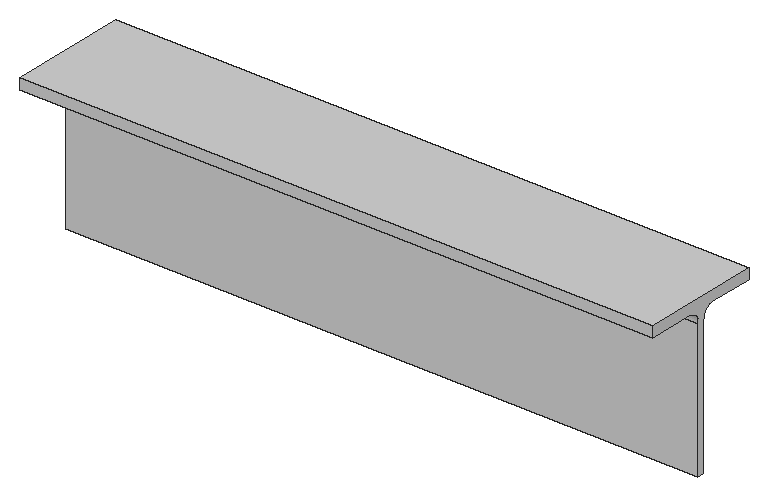
Revit family
Parameters (values of type "WT12X42")
  Start Extension Calculation [instance] = 10' 0 1/2" + Start Extension  # 10' - 0"
  Start Extension [instance] = -0' - 0 1/2"
  End Extension Calculation [instance] = 10' 0 1/2" + End Extension  # 10' - 0"
  End Extension [instance] = -0' - 0 1/2"
  Beam Material [instance] = Metal - Steel - ASTM A992
  A = 12.40 in²
  Assembly Code = "B10"
  Length [instance] = 5' - 0"
  W = 42
  bf = 0' - 9 5/256"
  d = 1' - 0 13/128"
  k = 0' - 1 11/16"
  kr = k - tf  # 0' - 0 235/256"
  tf = 0' - 0 197/256"
  tw = 0' - 0 15/32"
Types (2): name | A | W | bf | d | k | tf | tw
  WT12X42 | 12.40 in² | 42 | 0' - 9 5/256" | 1' - 0 13/128" | 0' - 1 11/16" | 0' - 0 197/256" | 0' - 0 15/32"
  WT18X80 | 23.50 in² | 80 | 1' - 0" | 1' - 6" | 0' - 1 15/16" | 0' - 1 5/256" | 0' - 0 83/128"
Reference planes (in)
  plane 1 "Center (Front/Back)": y = 0
  plane 2: z = 0
  plane 3 "Center (Left/Right)": x = 0.1815
  plane 4 "Member Left": x = -23.8185
  plane 5 "Member Right": x = 24.1815
  plane 6: y = 4.50977
  plane 7: y = -4.50977
  plane 8 "Top": z = 6.05078
  plane 9: z = -6.05078
  plane 10 "Left": x = -29.8185
  plane 11 "Right": x = 30.1815
  plane 12: x = -23.8185
  plane 13: x = 24.1815
  plane 14: x = 96.1815
  plane 15: x = -95.8185
Forms (in)
  Sweep 1, solid, material "Metal - Steel - ASTM A992" <- "Beam Material", detail levels fine
    path origin (0, 0, 0) x (1, 0, 0) y (0, 1, 0)
      loop
        line (24.1815, 0) -> (-23.8185, 0)
    profile "Structural Tee-Profile-Fine : Structural Tee-Profile-Fine" origin (0.1815, 0, 0) x (0, -1, 0) y (0, 0, 1)
      loop
        line (-4.50977, 6.05078) -> (-4.50977, 5.28125) -> (-1.15234, 5.28125)
        arc (-1.15234, 5.28125) -> (-0.50324, 5.01238) -> (-0.23437, 4.36328) r 0.91797
        line (-0.23437, 4.36328) -> (-0.23437, -6.05078) -> (0.23438, -6.05078) -> (0.23438, 4.36328)
        arc (0.23438, 4.36328) -> (0.50324, 5.01238) -> (1.15234, 5.28125) r 0.91797
        line (1.15234, 5.28125) -> (4.50977, 5.28125) -> (4.50977, 6.05078) -> (-4.50977, 6.05078)
  Sweep 2, solid, material "Metal - Steel - ASTM A992" <- "Beam Material", detail levels medium
    path origin (0, 0, 0) x (1, 0, 0) y (0, 1, 0)
      loop
        line (24.1815, 0) -> (-23.8185, 0)
    profile "Structural Tee-Profile-Medium : Structural Tee-Profile-Medium" origin (0.1815, 0, 0) x (0, -1, 0) y (0, 0, 1)
      loop
        line (-4.50977, 6.05078) -> (-4.50977, 5.28125) -> (-0.23437, 5.28125) -> (-0.23437, -6.05078) -> (0.23438, -6.05078) -> (0.23438, 5.28125) -> (4.50977, 5.28125) -> (4.50977, 6.05078) -> (-4.50977, 6.05078)
Lines and regions (in)
  symbolic lines, style "Hidden Faces", detail levels medium+fine
    curve 1: line (24.1815, -0.23438, 0) -> (-23.8185, -0.23438, 0)
    curve 2: line (24.1815, 0.23437, 0) -> (-23.8185, 0.23437, 0)
  symbolic lines, style "Stick Symbols", detail levels coarse
    curve 3: line (0.1815, 4.50977, 6.05078) -> (0.1815, -4.50977, 6.05078)
    curve 4: line (0.1815, 0, 6.05078) -> (0.1815, 0, -6.05078)
Dimensions and locks (in)
  "bf": plane 6 to plane 7
  "d": plane 9 to plane 8 "Top"
  equal spacing: plane 9, plane 2, plane 8 "Top"
  equal spacing: plane 6, plane 1 "Center (Front/Back)", plane 7
  "Length": plane 10 "Left" to plane 11 "Right"
  equal spacing: curve 2, plane 1 "Center (Front/Back)", curve 1
  "tw": curve 2 to curve 1
  locked: plane 4 "Member Left" to plane 14 at 120
  locked: plane 15 to plane 5 "Member Right" at 120
  "Start Extension Calculation": plane 12 to plane 14
  "End Extension Calculation": plane 15 to plane 13
  aligned and locked: Sweep 1 sketch curve to plane 1 "Center (Front/Back)"
  aligned and locked: Sweep 2 sketch curve to plane 1 "Center (Front/Back)"
  aligned and locked: Sweep 2 to curve 3  (x2)
  aligned and locked: curve 3 to Sweep 2
  aligned and locked: Sweep 2 to curve 4
  aligned and locked: plane 12 to Sweep 2 sketch curve
  aligned and locked: plane 13 to Sweep 2 sketch curve
  aligned and locked: plane 12 to Sweep 1 sketch curve
  aligned and locked: plane 13 to Sweep 1 sketch curve
  aligned and locked: plane 12 to curve 2
  aligned and locked: plane 12 to curve 1
  aligned and locked: plane 13 to curve 2
  aligned and locked: plane 13 to curve 1
Automatic sketch dimensions
  curve 4 to plane 1 "Center (Front/Back)" = 0' - 0"
